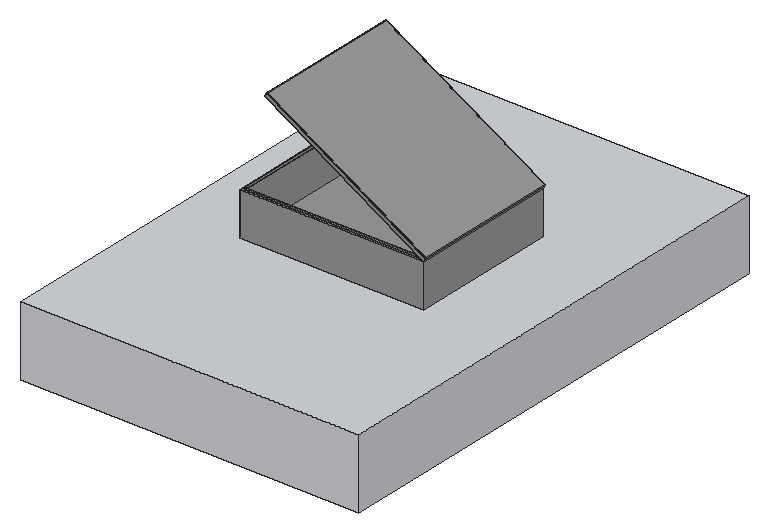
Revit family "Hager-Univers-IP44-D205-H650-Cl.I-Encl-AT-de", category Equipement électrique, Revit 2020
Family settings
  Hôte = Face
  Configuration du panneau = Deux colonnes, circuits au sein
  Cote de connecteur circulaire = Utiliser le diamètre
  Type d'élément = Tableau de raccordement
  Couper avec des vides une fois chargée = Non
  Partagée = Non
  Point de calcul de pièce = Non
Parameters (values of type "Aufputz IP44 B800 H650 T205  - FP43TN2")
  Width Control [instance] = if([EF000008 - Breite] > Min Width, [EF000008 - Breite], Min Width)  # 800 mm
  Commentaires du type = [HG000003 - Bereich]  # "Univers"
  Thickness Door [instance] = if([EF009171 - Materialstärke Tür/Deckel] > 3 mm, 3 mm, [EF009171 - Materialstärke Tür/Deckel])  # 1 mm
  Seal Frame Offset [instance] = 17 mm  # constant formula
  Plinth Visibility [instance] = [HG000027 - Sockelhöhe] > 0 mm  # no
  Model = ""
  Min Width [instance] = 100 mm  # constant formula
  Min Height [instance] = 100 mm  # constant formula
  Min Depth [instance] = (2 * [EF009170 - Materialstärke Gehäuse]) + 1 mm  # 3 mm
  Internal Frame Depth [instance] = (Door System Depth * 0.5)  # 9 mm
  Height Control [instance] = if([EF000040 - Höhe] > Min Height, [EF000040 - Höhe], Min Height)  # 650 mm
  HG000027 - Sockelhöhe = 0 mm
  HG000026 - Stehend auf dem Boden = no
  HG000024 - Höhe des unteren Teils = 800 mm
  HG000023 - Gehäuse mit doppeltem Querschnitt = no
  HG000016 - 3D-Türsichtbarkeit [instance] = yes
  HG000015 - Sichtbarkeit der Türöffnung [instance] = no
  HG000014 - Tür rechts [instance] = yes
  HG000013 - Tür links [instance] = not([HG000014 - Tür rechts])  # no
  HG000012 - Türschwenkwinkel [instance] = 30.00°
  HG000010 - Asymmetrische Türen = no
  HG000009 - Doppelflügeligen Tür = no
  HG000006 - Unterputz = no
  HG000004 - Herstellerreferenz = "FP43TN2"
  HG000003 - Bereich = "Univers"
  HG000002 - Mit tür = yes
  Frame Offset Bottom [instance] = 10 mm  # constant formula
  Frame Offset [instance] = 15 mm  # constant formula
  EF015940 - Deckel mit Überdruckentlastung = no
  EF011959 - Schutzart (NEMA) = ""
  EF009554 - Anzahl der Öffnungen für Flanschplatten = 6
  Fabricant = "Hager"  # constant formula
  EF009212 - Ausführung Deckel = "EV000116 - geschlossen"
  EF009171 - Materialstärke Tür/Deckel = 1 mm
  EF009170 - Materialstärke Gehäuse = 1 mm
  EF008873 - Nennstrom (In) = 250 A
  EF007800 - Geeignet für Blitzschutz = no
  EF006306 - Mit Schloss = no
  EF006244 - Transparenter Deckel/Tür = no
  EF005474 - Schutzart (IP) = "EV006418 - IP44"
  EF004464 - Art der Tür = "EV002646 - Einzel"
  EF004427 - Anzahl der Module = 144
  EF004293 - Schlagfestigkeit = "EV006815 - IK09"
  EF003532 - Geeignet für Außengebrauch = no
  EF002950 - Breite in Teilungseinheiten = 36
  EF001613 - Funktionserhalt = "EV000494 - ohne"
  EF001596 - Werkstoff des Gehäuses = "EV000179 - Stahl"
  EF001131 - Innentiefe = 205 mm
  EF001088 - Anbaumöglichkeit = yes
  EF000437 - Anzahl der Leitungseinführungen = 6
  EF000339 - Art der Abdeckung = "EV001012 - Deckel"
  EF000266 - Anzahl der Reihen = 4
  EF000218 - Einbautiefe = 205 mm
  EF000118 - Mit Montageplatte = no
  EF000116 - RAL-Nummer = "9010"
  EF000049 - Tiefe = 205 mm
  EF000040 - Höhe = 650 mm
  EF000008 - Breite = 800 mm
  EF000007 - Farbe = "EV000202 - weiß"
  EF000003 - Montageart = "EV000384 - Aufputz"
  Door System Leaf Tolerance [instance] = 1.5 mm  # constant formula
  Door System Depth [instance] = 18 mm  # constant formula
  Door Height [instance] = Height Control - [HG000027 - Sockelhöhe]  # 650 mm
  Depth Control [instance] = if([EF000049 - Tiefe] > Min Depth, [EF000049 - Tiefe], Min Depth)  # 205 mm
  Default Elevation = 0 mm
  Connector Offset [instance] = Height Control / 2  # 325 mm
  Bottom Top Plate Trim [instance] = 1.5 mm  # constant formula
  Plinth height Ctrl [instance] = if([HG000027 - Sockelhöhe] > 0 mm, [HG000027 - Sockelhöhe], 12 mm)  # 12 mm
Types (3, lengths in mm): name | Width Control | HG000009 - Doppelflügeligen Tür | HG000004 - Herstellerreferenz | EF009554 - Anzahl der Öffnungen für Flanschplatten | EF004464 - Art der Tür | EF004427 - Anzahl der Module | EF002950 - Breite in Teilungseinheiten | EF000437 - Anzahl der Leitungseinführungen | EF000008 - Breite
  Aufputz IP44 B1050 H650 T205  - FP44TN2 | 1050 | yes | "FP44TN2" | 8 | "EV003602 - Doppel" | 192 | 48 | 8 | 1050
  Aufputz IP44 B550 H650 T205  - FP42TN2 | 550 | no | "FP42TN2" | 4 | "EV002646 - Einzel" | 96 | 24 | 4 | 550
  Aufputz IP44 B800 H650 T205  - FP43TN2 | 800 | no | "FP43TN2" | 6 | "EV002646 - Einzel" | 144 | 36 | 6 | 800
Reference planes
  plane 1 "Center (Front/Back)": y = 0
  plane 2: z = 0
  plane 3 "Center (Left/Right)": x = 0
  plane 4: z = 205
  plane 5: y = 1
  plane 6: y = 325
  plane 7: y = 0
  plane 8: y = 650
  plane 9: z = 0
  plane 10: x = -385
  plane 11: x = 385
  plane 12: x = 384
  plane 13: x = -384
  plane 14: y = 649
  plane 15: x = -383
  plane 16: x = -400
  plane 17: x = 383
  plane 18: x = 400
  plane 19: x = 399
  plane 20: x = -399
  plane 21: y = 11
  plane 22: y = 650
  plane 23: y = 634
  plane 24: z = 187
  plane 25: z = 1
  plane 26: z = 186
  plane 27: z = 204
Forms (mm)
  Extrusion 1, solid
    sketch origin (0, 0, 0) x (1, 0, 0) y (0, 1, 0)
      loop
        line (-702.964, 1305) -> (-702.964, -811.445) -> (766.763, -811.445) -> (766.763, 1305) -> (-702.964, 1305)
    from 0 to -304.8
  Extrusion 2, solid, material "Hager_Steel_RAL7035_Light_Grey", visible <- "Plinth Visibility", detail levels medium+fine
    sketch origin (0, 0, 0) x (1, 0, 0) y (0, 1, 0)
      loop
        line (-400, 0) -> (400, 0) -> (400, 12) -> (-400, 12) -> (-400, 0)
    from 0 to 187
  Extrusion 3, solid, material "Hager_Steel_RAL7035_Light_Grey", detail levels medium+fine
    sketch origin (0, 0, 0) x (1, 0, 0) y (0, 1, 0)
      loop
        line (-400, 0) -> (400, 0) -> (400, 650) -> (-400, 650) -> (-400, 0)
    from 0 to 187
  Extrusion 4, void
    sketch origin (0, 0, 0) x (1, 0, 0) y (0, 1, 0)
      loop
        line (-399, 1) -> (399, 1) -> (399, 649) -> (-399, 649) -> (-399, 1)
    from 1 to 186
  Extrusion 5, void
    sketch origin (-381.607, -4572, 187) x (0, -1, 0) y (-1, 0, 0)
      loop
        line (-4583, 2.393) -> (-5206, 2.393) -> (-5206, -765.607) -> (-4583, -765.607) -> (-4583, 2.393)
    from 0 to 1 <- "EF009170 - Materialstärke Gehäuse"
  Extrusion 6, solid, material "Hager_Steel_RAL7035_Light_Grey", detail levels fine
    sketch origin (0, 0, 187) x (1, 0, 0) y (0, 1, 0)
      loop
        line (-384, 634) -> (-384, 11) -> (384, 11) -> (384, 634) -> (-384, 634)
      loop
        line (-385, 10) -> (385, 10) -> (385, 635) -> (-385, 635) -> (-385, 10)
    from 0 to 9 <- "Internal Frame Depth"
  Extrusion 7, solid, material "Hager_Steel_RAL7035_Light_Grey", detail levels coarse
    sketch origin (0, 0, 0) x (1, 0, 0) y (0, 1, 0)
      loop
        line (-400, 0) -> (400, 0) -> (400, 650) -> (-400, 650) -> (-400, 0)
    from 0 to 205
  Sweep 8, void
    path in 3D
      loop
        line (-400, 12, 0) -> (400, 12, 0) -> (400, 12, 187) -> (-400, 12, 187) -> (-400, 12, 0)
    profile origin (-400, 12, 93.5) x (-1, 0, 0) y (0, -1, 0)
      loop
        line (0, 0) -> (0, 1.5) -> (-1.5, 1.5)
        arc (-1.5, 1.5) -> (-1.061, 0.439) -> (0, 0) r 1.5
Cuts and joins
  Extrusion 4, Extrusion 5 cuts Extrusion 3
  Sweep 8 cuts Extrusion 2
Lines and regions (mm)
  Masking region 1
    outline origin (0, 0, 0) x (1, 0, 0) y (0, 0, 1)
      loop
        line (-400, 205) -> (-400, 0) -> (400, 0) -> (400, 205) -> (-400, 205)
  Masking region 2, detail levels medium+fine
    outline origin (0, 140, 0) x (0, 1, 0) y (0, 0, 1)
      loop
        line (-140, 0) -> (510, 0) -> (510, 187) -> (-140, 187) -> (-140, 0)
  Masking region 3, not visible, detail levels medium+fine
    outline origin (0, 297.922, 0) x (0, 1, 0) y (0, 0, 1)
      loop
        line (38.578, 0) -> (78.578, 0) -> (78.578, 194)
        arc (78.578, 194) -> (75.649, 201.071) -> (68.578, 204) r 10
        line (68.578, 204) -> (38.578, 204) -> (38.578, 0)
  Masking region 4, detail levels coarse
    outline origin (0, 0, 180) x (0, 1, 0) y (0, 0, 1)
      loop
        line (0, -180) -> (650, -180) -> (650, 25) -> (0, 25) -> (0, -180)
  Masking region 5, visible <- "Plinth Visibility", detail levels medium+fine
    outline origin (0, 52.24, 12.345) x (0, 0, -1) y (0, 1, 0)
      loop
        line (10.845, -40.24) -> (-173.155, -40.24)
        arc (-173.155, -40.24) -> (-173.594, -41.301) -> (-174.655, -41.74) r 1.5
        line (-174.655, -41.74) -> (-174.655, -52.24) -> (12.345, -52.24) -> (12.345, -41.74)
        arc (12.345, -41.74) -> (11.285, -41.301) -> (10.845, -40.24) r 1.5
  Masking region 6, detail levels medium+fine
    outline origin (-381.607, -4572, 187) x (-1, 0, 0) y (0, -1, 0)
      loop
        line (18.393, -5222) -> (18.393, -4572) -> (-781.607, -4572) -> (-781.607, -5222) -> (18.393, -5222)
  Masking region 7, visible <- "Plinth Visibility", detail levels medium+fine
    outline origin (-381.607, -4727, 187) x (-1, 0, 0) y (0, -1, 0)
      loop
        arc (16.893, -4739) -> (17.332, -4737.939) -> (18.393, -4737.5) r 1.5
        line (18.393, -4737.5) -> (18.393, -4727) -> (-781.607, -4727) -> (-781.607, -4737.5)
        arc (-781.607, -4737.5) -> (-780.546, -4737.939) -> (-780.107, -4739) r 1.5
        line (-780.107, -4739) -> (16.893, -4739)
  Masking region 8, detail levels coarse
    outline origin (-442.548, -4669.526, 187) x (-1, 0, 0) y (0, -1, 0)
      loop
        line (-42.548, -5319.526) -> (-42.548, -4669.526) -> (-842.548, -4669.526) -> (-842.548, -5319.526) -> (-42.548, -5319.526)
  sketch lines
    curve 1: line (-400, 12, 187) -> (-400, 12, 0)
    curve 2: line (400, 12, 187) -> (-400, 12, 187)
    curve 3: line (400, 12, 187) -> (400, 12, 0)
    curve 4: line (-400, 12, 0) -> (400, 12, 0)
Dimensions and locks
  "Depth Control": plane 4 to Extrusion 1
  "HG000027 - Sockelhöhe": plane 1 "Center (Front/Back)" to plane 7
  "EF009170 - Materialstärke Gehäuse": plane 5 to plane 7
  locked: connector elem to plane 3 "Center (Left/Right)"
  equal spacing: plane 8, plane 6, plane 7
  locked: connector elem to plane 6
  "EF009170 - Materialstärke Gehäuse": plane 8 to plane 14
  "EF009170 - Materialstärke Gehäuse": plane 10 to plane 13
  "EF009170 - Materialstärke Gehäuse": plane 12 to plane 11
  "Frame Offset": plane 20 to plane 13
  "Frame Offset": plane 12 to plane 19
  "EF009170 - Materialstärke Gehäuse": plane 16 to plane 20
  "EF009170 - Materialstärke Gehäuse": plane 19 to plane 18
  "Seal Frame Offset": plane 16 to plane 15
  "Seal Frame Offset": plane 17 to plane 18
  "Frame Offset Bottom": plane 21 to plane 5
  "Frame Offset": plane 14 to plane 23
  equal spacing: plane 16, plane 3 "Center (Left/Right)", plane 18
  "Width Control": plane 16 to plane 18
  "EF009170 - Materialstärke Gehäuse": plane 4 to plane 27
  "EF009170 - Materialstärke Gehäuse": plane 24 to plane 26
  "EF009170 - Materialstärke Gehäuse": plane 25 to level
  "Door System Depth": plane 4 to plane 24
  "Height Control": plane 1 "Center (Front/Back)" to Extrusion 7 sketch curve
  "Height Control": Masking region 4 sketch curve to plane 1 "Center (Front/Back)"
  "Height Control": plane 1 "Center (Front/Back)" to plane 22
  "Bottom Top Plate Trim": profile plane to Sweep 8 sketch curve
  "Bottom Top Plate Trim": Sweep 8 sketch curve to profile plane
  "Plinth height Ctrl": plane 1 "Center (Front/Back)" to Extrusion 2 sketch curve
  "Plinth height Ctrl": Masking region 5 sketch curve to plane 1 "Center (Front/Back)"
  "Plinth height Ctrl": plane 1 "Center (Front/Back)" to Masking region 7 sketch curve
  "Thickness Door": Extrusion 6 sketch curve to Extrusion 6 sketch curve  (x3)
  "Thickness Door": cut or joined group of Extrusion 3, Extrusion 4, Extrusion 5 to Extrusion 6 sketch curve
  radius of Masking region 3 sketch curve = 10 mm
  "Bottom Top Plate Trim": radius of Masking region 5 sketch curve  (x2)
  "Bottom Top Plate Trim": radius of Sweep 8 sketch curve
  "Bottom Top Plate Trim": radius of Masking region 7 sketch curve  (x2)
  aligned and locked: plane 2 to Extrusion 1
  aligned and locked: level to Extrusion 1
  aligned and locked: level to Masking region 1 sketch curve
  aligned and locked: Masking region 1 sketch curve to plane 18
  aligned and locked: Masking region 1 sketch curve to plane 16
  aligned and locked: plane 7 to Masking region 2 sketch curve
  aligned and locked: level to Masking region 3 sketch curve
  aligned and locked: Masking region 3 sketch curve to plane 27
  aligned and locked: level to Masking region 2 sketch curve
  aligned and locked: plane 1 "Center (Front/Back)" to Extrusion 2 sketch curve
  aligned and locked: Extrusion 3 sketch curve to plane 7
  aligned and locked: plane 16 to Extrusion 3 sketch curve
  aligned and locked: plane 18 to Extrusion 3 sketch curve
  aligned and locked: plane 20 to Extrusion 4 sketch curve
  aligned and locked: plane 19 to Extrusion 4 sketch curve
  aligned and locked: Extrusion 4 sketch curve to plane 5
  aligned and locked: Extrusion 4 to plane 25
  aligned and locked: plane 26 to Extrusion 4
  aligned and locked: plane 24 to Extrusion 3
  aligned and locked: Extrusion 5 sketch curve to plane 21
  aligned and locked: Extrusion 5 sketch curve to plane 13
  aligned and locked: Extrusion 5 sketch curve to plane 12
  aligned and locked: plane 18 to Extrusion 7 sketch curve
  aligned and locked: plane 1 "Center (Front/Back)" to Extrusion 7 sketch curve
  aligned and locked: plane 16 to Extrusion 7 sketch curve
  aligned and locked: plane 4 to Extrusion 7
  aligned and locked: Extrusion 7 to level
  aligned and locked: level to Masking region 4 sketch curve
  aligned and locked: Masking region 4 sketch curve to plane 1 "Center (Front/Back)"
  aligned and locked: Masking region 4 sketch curve to plane 4
  aligned and locked: nested 1 to level
  aligned and locked: nested 1 to plane 16
  aligned and locked: plane 8 to Extrusion 3 sketch curve
  aligned and locked: plane 23 to Extrusion 5 sketch curve
  aligned and locked: plane 14 to Extrusion 4 sketch curve
  aligned and locked: Masking region 2 sketch curve to plane 8
  aligned and locked: level to Masking region 5 sketch curve
  aligned and locked: plane 16 to Extrusion 2 sketch curve
  aligned and locked: plane 18 to Extrusion 2 sketch curve
  aligned and locked: Masking region 5 sketch curve to plane 24
  aligned and locked: Masking region 2 sketch curve to plane 24
  aligned and locked: plane 24 to Extrusion 2
  aligned and locked: profile plane to Sweep 8 sketch curve  (x2)
  aligned and locked: Masking region 6 sketch curve to plane 18
  aligned and locked: Masking region 6 sketch curve to plane 22
  aligned and locked: Masking region 6 sketch curve to plane 16
  aligned and locked: plane 8 to plane 22
  aligned and locked: Masking region 6 sketch curve to plane 7
  aligned and locked: Masking region 7 sketch curve to plane 16
  aligned and locked: Masking region 7 sketch curve to plane 1 "Center (Front/Back)"
  aligned and locked: Masking region 7 sketch curve to plane 18
  aligned and locked: Masking region 8 sketch curve to plane 1 "Center (Front/Back)"
  aligned and locked: Masking region 8 sketch curve to plane 18
  aligned and locked: Masking region 8 sketch curve to plane 22
  aligned and locked: Masking region 8 sketch curve to plane 16
  aligned and locked: nested 2 to plane 7
  aligned and locked: plane 3 "Center (Left/Right)" to nested 2
  aligned and locked: nested 2 to plane 24
  aligned and locked: Extrusion 6 sketch curve to cut or joined group of Extrusion 3, Extrusion 4, Extrusion 5  (x4)
Automatic sketch dimensions
  Extrusion 1 sketch curve to Extrusion 1 sketch curve = 1469.727 mm
  Extrusion 1 sketch curve to Extrusion 1 sketch curve = 2116.445 mm
  Masking region 1 sketch curve to plane 4 = 0 mm
  plane 6 to Masking region 3 sketch curve = 11.5 mm
  Masking region 3 sketch curve to Masking region 3 sketch curve = 30 mm
  Masking region 5 sketch curve to plane 1 "Center (Front/Back)" = 0 mm
Nested families
  nested 1: "Hager_Enclosure_Symbol" at (-400, 0, 0) x (1, 0, 0) z (0, -1, 0), Height <- "Depth Control", Width <- "Width Control", type "Hager_Enclosure_Symbol"
    with Width_Ctrl 800 mm, Width 800 mm, Height_Ctrl 205 mm, Height 205 mm, A_Width_Int 13.453 mm, A_Width 161.438 mm, A_Height_Ctrl 179.375 mm, A_Height 179.375 mm
  nested 2: "EC000058_Univers_Door" at (0, 0, 187) x (1, 0, 0) z (0, 1, 0), Leaf_Tolerance <- "Door System Leaf Tolerance", Angle <- "HG000012 - Türschwenkwinkel", Door_Depth <- "Door System Depth", Door_Left <- "HG000013 - Tür links", Transparent <- "EF006244 - Transparenter Deckel/Tür", Assymetrical <- "HG000010 - Asymmetrische Türen", Width <- "Width Control", Clearance <- "HG000015 - Sichtbarkeit der Türöffnung", Double <- "HG000009 - Doppelflügeligen Tür", 3d_Door <- "HG000016 - 3D-Türsichtbarkeit", Lock_Visibility <- "EF006306 - Mit Schloss", Width_Ctrl <- "Width Control", Door_Right <- "HG000014 - Tür rechts", Door <- "HG000002 - Mit tür", Height <- "Door Height", Thickness <- "Thickness Door", type "EC000058_Univers_Door", detail levels medium+fine
    with min_wh 3 mm, Width_Ctrl 800 mm, Width 800 mm, Transparent no, Thickness 1 mm, Seal_Material Hager_Rubber, Lock_Visibility no, Lock_Material Hager_Plastic_RAL9005_Jet_Black, Leaf_Width 800 mm, Leaf_Tolerance_External_Sides 0 mm, Leaf_Tolerance 1.5 mm, Leaf_Offset 0 mm, Leaf_Height 647 mm, Leaf_2_Width 800 mm, Leaf_2_Offset 400 mm, Leaf_1_Width 800 mm, Leaf_1_Offset 400 mm, Height_Ctrl 650 mm, Height 650 mm, Glass_Material Hager_Glass, Double_Clearance_Ctrl no, Double no, Door_Right_Ctrl yes, Door_Right yes, Door_Material Hager_Steel_RAL7035_Light_Grey, Door_Left_Ctrl no, Door_Left no, Door_Depth 18 mm, Door yes, Clearance_Material Hager_Clearance, Clearance_Depth 800 mm, Clearance_Ctrl no, Clearance no, Assymetrical no, Angle 30.00°, 3d_Door yes
Connectors
  electrical at (0, 325, 0)
    settings: on plane 9, index 1, voltage 0 V, apparent load 0 VA, apparent load phase1 0 VA, apparent load phase2 0 VA, apparent load phase3 0 VA, power factor 1, load classification "Other", number of poles 1, system type 30, power factor state 1, is connector primary yes, connector utility no, sub classification motor no, connector description ""
Definition of nested family "EC000058_Univers_Door"
  Parameters (values of type "EC000058_Univers_Door")
    min_wh [instance] = (2 * Thickness) + 1 mm  # 11 mm
    Width_Ctrl [instance] = 400 mm
    Width [instance] = 500 mm
    Transparent [instance] = yes
    Thickness [instance] = 5 mm
    Seal_Material [instance] = none
    Lock_Visibility [instance] = yes
    Lock_Material [instance] = none
    Leaf_Width [instance] = if((Width_Ctrl - 2 * Leaf_Tolerance_External_Sides) > 0 mm, (Width_Ctrl - 2 * Leaf_Tolerance_External_Sides), min_wh)  # 400 mm
    Leaf_Tolerance_External_Sides [instance] = 0 mm  # constant formula
    Leaf_Tolerance [instance] = 1.5 mm
    Leaf_Offset [instance] = 0 mm  # constant formula
    Leaf_Height [instance] = if((Height_Ctrl - 2 * Leaf_Tolerance) > 0 mm, (Height_Ctrl - 2 * Leaf_Tolerance), min_wh)  # 497 mm
    Leaf_2_Width [instance] = if(and(and(Double, Assymetrical), Door_Left), (Leaf_Width / 3) - (Leaf_Tolerance / 2), if(and(and(Double, Assymetrical), Door_Right), (Leaf_Width / 3) * 2 - (Leaf_Tolerance / 2), if(and(Double, not(Assymetrical)), (Leaf_Width / 2) - Leaf_Tolerance, Leaf_Width)))  # 400 mm
    Leaf_2_Offset [instance] = if(and(Double, Assymetrical), Leaf_2_Width / 2, if(and(Double, not(Assymetrical)), Leaf_Width / 4, Leaf_Width / 2))  # 200 mm
    Leaf_1_Width [instance] = if(and(and(Double, Assymetrical), Door_Right), (Leaf_Width / 3) - (Leaf_Tolerance / 2), if(and(and(Double, Assymetrical), Door_Left), (Width / 3) * 2 - (Leaf_Tolerance / 2), if(and(Double, not(Assymetrical)), (Leaf_Width / 2) - Leaf_Tolerance, Leaf_Width)))  # 400 mm
    Leaf_1_Offset [instance] = if(and(Double, Assymetrical), Leaf_1_Width / 2, if(and(Double, not(Assymetrical)), Leaf_Width / 4, Leaf_Width / 2))  # 200 mm
    Height_Ctrl [instance] = if(Height > min_wh, Height, min_wh)  # 500 mm
    Height [instance] = 500 mm
    Glass_Material [instance] = none
    Double_Clearance_Ctrl [instance] = and(Double, Clearance)  # no
    Double [instance] = no
    Door_Right_Ctrl [instance] = and(or(Door_Right, Double), Door)  # yes
    Door_Right [instance] = yes
    Door_Material [instance] = none
    Door_Left_Ctrl [instance] = and(or(Door_Left, Double), Door)  # no
    Door_Left [instance] = no
    Door_Depth [instance] = 30 mm
    Door [instance] = yes
    Default Elevation = 1219.2 mm
    Clearance_Material [instance] = none
    Clearance_Depth [instance] = if(Leaf_1_Width > Leaf_2_Width, Leaf_1_Width, Leaf_2_Width)  # 400 mm
    Clearance_Ctrl [instance] = and(not(Double), Clearance)  # yes
    Clearance [instance] = yes
    Assymetrical [instance] = yes
    Angle [instance] = 30.00°
    3d_Door [instance] = yes
  Reference planes
    plane 1 "Center (Front/Back)": y = 0
    plane 2 "Bottom": z = 0
    plane 3 "Center (Left/Right)": x = 0
    plane 4: z = 500
    plane 5: x = -200
    plane 6: x = 200
    plane 7: z = 500
    plane 8: x = -200
    plane 9: z = 0
    plane 10: x = 200
    plane 11: y = 0
    plane 12: z = 1.5
    plane 13: x = -600
    plane 14: y = -400
    plane 15: x = 600
    plane 16: x = 0
    plane 17: x = 0
    plane 18: x = -200
    plane 19: x = 200
    plane 20: z = 498.5
  Forms (mm)
    Extrusion 1, solid, material <- "Clearance_Material", visible <- "Double_Clearance_Ctrl"
      sketch origin (1200, 0, 0) x (1, 0, 0) y (0, 0, -1)
        loop
          line (-1800, -498.5) -> (-600, -498.5) -> (-600, 0) -> (-1800, 0) -> (-1800, -498.5)
      from 0 to -400
  Dimensions and locks
    equal spacing: plane 5, plane 3 "Center (Left/Right)", plane 6
    "Width_Ctrl": plane 5 to plane 6
    "Leaf_Offset": plane 5 to plane 8
    "Leaf_Offset": plane 6 to plane 10
    "Leaf_Offset": plane 9 to level
    "Leaf_Offset": plane 4 to plane 7
    "Height_Ctrl": plane 4 to level
    "Leaf_Tolerance": plane 12 to plane 9
    locked: plane 11 to plane 1 "Center (Front/Back)"
    "Leaf_1_Offset": plane 18 to plane 16
    "Leaf_2_Offset": plane 17 to plane 19
    "Leaf_1_Width": plane 13 to plane 8
    "Leaf_2_Width": plane 10 to plane 15
    "Clearance_Depth": plane 14 to plane 1 "Center (Front/Back)"
    "Leaf_Tolerance_External_Sides": plane 8 to plane 18
    "Leaf_Tolerance_External_Sides": plane 19 to plane 10
    "Leaf_Tolerance": plane 7 to plane 20
    aligned and locked: level to plane 2 "Bottom"
    aligned and locked: nested 1 to plane 16
    aligned and locked: nested 2 to plane 17
    aligned and locked: Extrusion 1 to plane 13
    aligned and locked: plane 15 to Extrusion 1
    aligned and locked: Extrusion 1 to plane 14
    aligned and locked: plane 12 to nested 1
    aligned and locked: nested 2 to plane 12
    aligned and locked: Extrusion 1 to plane 11
    aligned and locked: plane 20 to Extrusion 1
    aligned and locked: nested 2 to plane 11
    aligned and locked: nested 1 to plane 11
  Automatic sketch dimensions
    Extrusion 1 sketch curve to level = 0 mm
    plane 5 to Extrusion 1 sketch curve = 400 mm
    plane 6 to Extrusion 1 sketch curve = 400 mm
    Extrusion 1 sketch curve to plane 4 = 1.5 mm
  Nested families
    nested 1: "EC000058_Univers_Door_Leaf" at (0, 0, 1.5), Width <- "Leaf_1_Width", visible <- "Door_Left_Ctrl", Leaf_Height <- "Leaf_Height", Angle <- "Angle", 3d_Door <- "3d_Door", Transparent <- "Transparent", Clearance Material <- "Clearance_Material", Clearance <- "Clearance_Ctrl", Door_Material <- "Door_Material", Glass_Material <- "Glass_Material", Door_Depth <- "Door_Depth", Lock_Material <- "Lock_Material", Seal_Material <- "Seal_Material", Lock_Visibility <- "Lock_Visibility", Thickness <- "Thickness", type "EC000058_Univers_Door_Leaf"
      with Width 400 mm, Transparent_Glass_Offset 30 mm, Transparent_Ctrl yes, Transparent yes, Thickness 5 mm, Standard no, Seal_Material none, Seal_D2 8 mm, Seal_D1 1 mm, Offset_Internal_Frame 10 mm, Lock_Width 20 mm, Lock_Visibility_3d yes, Lock_Visibility yes, Lock_Thickness_3 3 mm, Lock_Thickness_2 1 mm, Lock_Thickness_1 3 mm, Lock_Radius_Offset_2 16 mm, Lock_Radius_Offset_1 15 mm, Lock_Radius_2 5 mm, Lock_Radius 6 mm, Lock_Offset 5 mm, Lock_Material none, Lock_Height 80 mm, Lock_Cover_Top_Offset_2d 17 mm, Lock_Cover_Height -65 mm, Leaf_Height 497 mm, Internal_Seal_Thickness 8 mm, Internal_Seal_Depth_2 4.5 mm, Internal_Frame_Depth 25 mm, Glass_Thickness -1 mm, Glass_Offset -2 mm, Glass_Material none, Door_Material none, Door_Depth 30 mm, Clearance Material none, Clearance yes, Angle_Ctrl 30.00°, Angle 30.00°, 3d_Door yes
    nested 2: "EC000058_Univers_Door_Leaf" at (0, 0, 1.5) x (-1, 0, 0) z (0, 0, 1), Width <- "Leaf_2_Width", visible <- "Door_Right_Ctrl", Leaf_Height <- "Leaf_Height", Angle <- "Angle", 3d_Door <- "3d_Door", Transparent <- "Transparent", Clearance Material <- "Clearance_Material", Clearance <- "Clearance_Ctrl", Door_Material <- "Door_Material", Glass_Material <- "Glass_Material", Door_Depth <- "Door_Depth", Lock_Material <- "Lock_Material", Seal_Material <- "Seal_Material", Lock_Visibility <- "Lock_Visibility", Thickness <- "Thickness", type "EC000058_Univers_Door_Leaf"
      with Width 400 mm, Transparent_Glass_Offset 30 mm, Transparent_Ctrl yes, Transparent yes, Thickness 5 mm, Standard no, Seal_Material none, Seal_D2 8 mm, Seal_D1 1 mm, Offset_Internal_Frame 10 mm, Lock_Width 20 mm, Lock_Visibility_3d yes, Lock_Visibility yes, Lock_Thickness_3 3 mm, Lock_Thickness_2 1 mm, Lock_Thickness_1 3 mm, Lock_Radius_Offset_2 16 mm, Lock_Radius_Offset_1 15 mm, Lock_Radius_2 5 mm, Lock_Radius 6 mm, Lock_Offset 5 mm, Lock_Material none, Lock_Height 80 mm, Lock_Cover_Top_Offset_2d 17 mm, Lock_Cover_Height -65 mm, Leaf_Height 497 mm, Internal_Seal_Thickness 8 mm, Internal_Seal_Depth_2 4.5 mm, Internal_Frame_Depth 25 mm, Glass_Thickness -1 mm, Glass_Offset -2 mm, Glass_Material none, Door_Material none, Door_Depth 30 mm, Clearance Material none, Clearance yes, Angle_Ctrl 30.00°, Angle 30.00°, 3d_Door yes
  Definition of nested family "EC000058_Univers_Door_Leaf"
    Parameters (values of type "EC000058_Univers_Door_Leaf")
      Width [instance] = 2000 mm
      Transparent_Glass_Offset [instance] = 30 mm
      Transparent_Ctrl [instance] = and(Transparent, [3d_Door])  # yes
      Transparent [instance] = yes
      Thickness [instance] = 5 mm
      Standard [instance] = and(not(Transparent), [3d_Door])  # no
      Seal_Material [instance] = none
      Seal_D2 [instance] = 8 mm  # constant formula
      Seal_D1 [instance] = 1 mm  # constant formula
      Offset_Internal_Frame [instance] = 10 mm  # constant formula
      Lock_Width [instance] = 20 mm  # constant formula
      Lock_Visibility_3d [instance] = and(Lock_Visibility, [3d_Door])  # yes
      Lock_Visibility [instance] = yes
      Lock_Thickness_3 [instance] = 3 mm  # constant formula
      Lock_Thickness_2 [instance] = 1 mm  # constant formula
      Lock_Thickness_1 [instance] = 3 mm  # constant formula
      Lock_Radius_Offset_2 [instance] = Lock_Radius_Offset_1 + 1 mm  # 16 mm
      Lock_Radius_Offset_1 [instance] = 15 mm  # constant formula
      Lock_Radius_2 [instance] = Lock_Radius - 1 mm  # 5 mm
      Lock_Radius [instance] = 6 mm  # constant formula
      Lock_Offset [instance] = 5 mm  # constant formula
      Lock_Material [instance] = none
      Lock_Height [instance] = 80 mm  # constant formula
      Lock_Cover_Top_Offset_2d [instance] = Lock_Radius_Offset_2 + 1 mm  # 17 mm
      Lock_Cover_Height [instance] = -(Lock_Height - Lock_Radius_Offset_1)  # -65 mm
      Leaf_Height [instance] = 2720.336 mm
      Internal_Seal_Thickness [instance] = 8 mm  # constant formula
      Internal_Seal_Depth_2 [instance] = 4.5 mm  # constant formula
      Internal_Frame_Depth [instance] = if(Door_Depth - Thickness > 5 mm, Door_Depth - Thickness, 5 mm)  # 25 mm
      Glass_Thickness [instance] = if(Thickness > 15 mm, Glass_Offset + 10 mm, -1 mm)  # -1 mm
      Glass_Offset [instance] = if(Thickness > 15 mm, -(Thickness + 10 mm) / 2, -2 mm)  # -2 mm
      Glass_Material [instance] = none
      Door_Material [instance] = none
      Door_Depth [instance] = 30 mm
      Default Elevation = 0 mm
      Clearance Material [instance] = none
      Clearance [instance] = yes
      Angle_Ctrl [instance] = if(Angle > 180.00°, 180.00°, Angle)  # 90.00°
      Angle [instance] = 90.00°
      3d_Door [instance] = yes
    Reference planes
      plane 1 "Center (Front/Back)": y = 0
      plane 2: z = 0
      plane 3 "Center (Left/Right)": x = 0
      plane 4: y = 2000
      plane 5: x = -1000
      plane 6: x = 1000
      plane 7: x = -3000
      plane 8: z = 2720.336
      plane 9: z = 30
      plane 10: z = 2690.336
      plane 11: x = 970
      plane 12: x = -970
      plane 13: y = -3
      plane 14: z = 107.833
      plane 15: y = -5
      plane 16: y = -223.314
      plane 17: x = -1000
      plane 18: z = 1360.168
      plane 19: y = 30
    Forms (mm)
      Extrusion 1, solid, material <- "Clearance Material", visible <- "Clearance"
        sketch origin (0, 0, 0) x (1, 0, 0) y (0, 0, 1)
          loop
            line (-3000, 2720.336) -> (-3000, 0) -> (1000, 0) -> (1000, 2720.336) -> (-3000, 2720.336)
        from 0 to -2000
      Extrusion 2, solid, material <- "Door_Material", visible <- "Standard", detail levels medium+fine
        sketch origin (-1000, 0, 0) x (0, 1, 0) y (-1, 0, 0)
          loop
            line (0, 30) -> (0, 25) -> (2000, 25) -> (2000, 30) -> (0, 30)
        from 0 to 2720.336 <- "Leaf_Height"
      Extrusion 3, solid, material <- "Door_Material", visible <- "Transparent_Ctrl", detail levels medium+fine
        sketch origin (-1000, 0, 0) x (0, 1, 0) y (-1, 0, 0)
          loop
            line (0, 25) -> (2000, 25) -> (2000, 30) -> (0, 30) -> (0, 25)
        from 0 to 2720.336 <- "Leaf_Height"
      Extrusion 4, void
        sketch origin (-1025, 2000, 0) x (0, 1, 0) y (0, 0, -1)
          loop
            line (-30, -2690.336) -> (-30, -30) -> (-1970, -30) -> (-1970, -2690.336) -> (-30, -2690.336)
        from 0 to 5 <- "Thickness"
      Sweep 5, solid, material <- "Seal_Material", visible <- "Transparent_Ctrl", detail levels fine
        path in 3D
          loop
            line (-1025, 30, 30) -> (-1025, 30, 2690.336) -> (-1025, 1970, 2690.336) -> (-1025, 1970, 30) -> (-1025, 30, 30)
        profile origin (-1025, 1000, 30) x (1, 0, 0) y (0, 0, 1)
          loop
            line (0, 0) -> (0, -8) -> (1, -8) -> (1, 0) -> (0, 0)
      Extrusion 6, solid, material <- "Glass_Material", visible <- "Transparent_Ctrl", detail levels medium+fine
        sketch origin (-1030, 0, 0) x (0, 1, 0) y (0, 0, -1)
          loop
            line (1970, -2690.336) -> (1970, -30) -> (30, -30) -> (30, -2690.336) -> (1970, -2690.336)
        from -2 <- "Glass_Offset" to -1 <- "Glass_Thickness"
      Extrusion 7, solid, material <- "Door_Material", visible <- "3d_Door", detail levels medium+fine
        sketch origin (-1025, 2000, 0) x (0, -1, 0) y (0, 0, -1)
          loop
            line (0, -2720.336) -> (2000, -2720.336) -> (2000, 0) -> (0, 0) -> (0, -2720.336)
          loop
            line (1995, -5) -> (5, -5) -> (5, -2715.336) -> (1995, -2715.336) -> (1995, -5)
        from 0 to 25 <- "Internal_Frame_Depth"
      Sweep 8, solid, material <- "Seal_Material", visible <- "Transparent_Ctrl", detail levels fine
        path in 3D
          loop
            line (-1025, 0, 0) -> (-1025, 2000, 0) -> (-1025, 2000, 2720.336) -> (-1025, 0, 2720.336) -> (-1025, 0, 0)
        profile origin (-1025, 0, 1360.168) x (1, 0, 0) y (0, 1, 0)
          loop
            line (0, 10) -> (2.975, 10)
            arc (2.975, 10) -> (4.053, 10.447) -> (4.5, 11.525) r 1.525
            line (4.5, 11.525) -> (4.5, 16.527)
            arc (4.5, 16.527) -> (4.069, 17.569) -> (3.027, 18) r 1.473
            line (3.027, 18) -> (0, 18) -> (0, 10)
      Extrusion 9, solid, material <- "Lock_Material", visible <- "Lock_Visibility_3d", detail levels fine
        sketch origin (-1030, 0, 0) x (0, 1, 0) y (0, 0, -1)
          loop
            arc (1993.5, -1400.168) -> (1994.561, -1399.729) -> (1995, -1398.668) r 1.5
            line (1995, -1398.668) -> (1995, -1320.168) -> (1975, -1320.168) -> (1975, -1398.668)
            arc (1975, -1398.668) -> (1975.439, -1399.729) -> (1976.5, -1400.168) r 1.5
            line (1976.5, -1400.168) -> (1993.5, -1400.168)
        from 3 <- "Lock_Thickness_1" to 0
      Blend 10, solid, material <- "Lock_Material", visible <- "Lock_Visibility_3d", detail levels fine
        base sketch origin (-1033, 0, 0) x (0, 1, 0) y (0, 0, -1)
          loop
            line (1975, -1320.168) -> (1975, -1398.668)
            arc (1975, -1398.668) -> (1975.439, -1399.729) -> (1976.5, -1400.168) r 1.5
            line (1976.5, -1400.168) -> (1993.5, -1400.168)
            arc (1993.5, -1400.168) -> (1994.561, -1399.729) -> (1995, -1398.668) r 1.5
            line (1995, -1398.668) -> (1995, -1320.168) -> (1975, -1320.168)
        top sketch origin (-1033, 0, 0) x (0, 1, 0) y (0, 0, -1)
          loop
            line (1976, -1320.168) -> (1976, -1398.668)
            arc (1976, -1398.668) -> (1976.146, -1399.022) -> (1976.5, -1399.168) r 0.5
            line (1976.5, -1399.168) -> (1993.5, -1399.168)
            arc (1993.5, -1399.168) -> (1993.854, -1399.022) -> (1994, -1398.668) r 0.5
            line (1994, -1398.668) -> (1994, -1320.168) -> (1976, -1320.168)
        from 0 to 1 <- "Lock_Thickness_2"
      Blend 11, solid, material <- "Lock_Material", visible <- "Lock_Visibility_3d", detail levels fine
        base sketch origin (-1034, 0, 0) x (0, 1, 0) y (0, 0, -1)
          loop
            line (1978, -1320.168) -> (1978, -1384.168)
            arc (1978, -1384.168) -> (1985, -1391.168) -> (1992, -1384.168) r 7
            line (1992, -1384.168) -> (1992, -1320.168) -> (1978, -1320.168)
        top sketch origin (-1034, 0, 0) x (0, 1, 0) y (0, 0, -1)
          loop
            line (1991, -1320.168) -> (1979, -1320.168) -> (1979, -1383.168)
            arc (1979, -1383.168) -> (1985, -1389.168) -> (1991, -1383.168) r 6
            line (1991, -1383.168) -> (1991, -1320.168)
        from 0 to 3 <- "Lock_Thickness_3"
      Extrusion 12, solid, material <- "Lock_Material", visible <- "Lock_Visibility_3d", detail levels fine
        sketch origin (-1030, 1975, 1320.168) x (1, 0, 0) y (0, -1, 0)
          loop
            line (-7, -19) -> (-7, -1) -> (0, -1) -> (0, 0) -> (-8, 0) -> (-8, -20) -> (0, -20) -> (0, -19) -> (-7, -19)
        from 0 to -65 <- "Lock_Cover_Height"
      Extrusion 13, void
        sketch origin (-1038, 1995, 1320.168) x (-1, 0, 0) y (0, 0, -1)
          loop
            line (-5, -65) -> (0, -65) -> (-5, -60) -> (-5, -65)
        from 0 to 20 <- "Lock_Width"
      Extrusion 14, void
        sketch origin (-1038, 1975, 1320.168) x (0, -1, 0) y (0, 0, -1)
          loop
            circle (-10, -15.995) r 6
          loop
            circle (-10, -15.995) r 5
        from 0 to 2
      Extrusion 15, solid, material <- "Lock_Material", visible <- "Lock_Visibility_3d", detail levels medium
        sketch origin (-1030, 0, 0) x (0, 1, 0) y (0, 0, -1)
          loop
            arc (1993.5, -1400.168) -> (1994.561, -1399.729) -> (1995, -1398.668) r 1.5
            line (1995, -1398.668) -> (1995, -1320.168) -> (1975, -1320.168) -> (1975, -1398.668)
            arc (1975, -1398.668) -> (1975.439, -1399.729) -> (1976.5, -1400.168) r 1.5
            line (1976.5, -1400.168) -> (1993.5, -1400.168)
        from 8 to 0
    Cuts and joins
      Extrusion 4 cuts Extrusion 3
      Extrusion 13, Extrusion 14 cuts Extrusion 9
      Extrusion 14 cuts Blend 11
      Extrusion 13, Extrusion 14 cuts Extrusion 12
      joined: Extrusion 9, Blend 10, Blend 11, Extrusion 12
      Extrusion 14 cuts Extrusion 15
    Lines and regions (mm)
      Masking region 1, visible <- "Lock_Visibility", detail levels fine
        outline origin (0, 0, 0) x (0, 1, 0) y (0, 0, 1)
          loop
            line (30, 1320.168) -> (33, 1320.168) -> (33, 1400.168) -> (30, 1400.168) -> (30, 1320.168)
      Masking region 2, visible <- "Lock_Visibility", detail levels fine
        outline origin (0, 3.143, 0) x (0, 1, 0) y (0, 0, 1)
          loop
            line (29.857, 1354.168) -> (30.857, 1354.168) -> (30.857, 1366.168) -> (29.857, 1366.168) -> (29.857, 1354.168)
      Masking region 3, detail levels medium+fine
        outline origin (0, 0, 0) x (0, 1, 0) y (0, 0, 1)
          loop
            line (0, 0) -> (30, 0) -> (30, 2720.336) -> (0, 2720.336) -> (0, 0)
      Masking region 4, detail levels medium+fine
        outline origin (0, 0, 0) x (1, 0, 0) y (0, 0, 1)
          loop
            line (-1000, 2720.336) -> (-1000, 0) -> (1000, 0) -> (1000, 2720.336) -> (-1000, 2720.336)
      Masking region 5, visible <- "Lock_Visibility", detail levels fine
        outline origin (-47.116, 0, 0) x (1, 0, 0) y (0, 0, 1)
          loop
            arc (1024.616, 1399.168) -> (1023.556, 1398.729) -> (1023.116, 1397.668) r 1.5
            line (1023.116, 1397.668) -> (1023.116, 1320.168) -> (1041.116, 1320.168) -> (1041.116, 1397.668)
            arc (1041.116, 1397.668) -> (1040.677, 1398.729) -> (1039.616, 1399.168) r 1.5
            line (1039.616, 1399.168) -> (1024.616, 1399.168)
      Masking region 6, visible <- "Lock_Visibility", detail levels medium+fine
        outline origin (-25, 0, 0) x (1, 0, 0) y (0, 0, 1)
          loop
            arc (1001.5, 1400.168) -> (1000.439, 1399.729) -> (1000, 1398.668) r 1.5
            line (1000, 1398.668) -> (1000, 1320.168) -> (1020, 1320.168) -> (1020, 1398.668)
            arc (1020, 1398.668) -> (1019.561, 1399.729) -> (1018.5, 1400.168) r 1.5
            line (1018.5, 1400.168) -> (1001.5, 1400.168)
      Masking region 7, visible <- "Lock_Visibility", detail levels fine
        outline origin (-73.735, 0, 0) x (1, 0, 0) y (0, 0, 1)
          loop
            line (1051.735, 1382.168) -> (1065.735, 1382.168) -> (1065.735, 1384.168)
            arc (1065.735, 1384.168) -> (1058.735, 1391.168) -> (1051.735, 1384.168) r 7
            line (1051.735, 1384.168) -> (1051.735, 1382.168)
      Masking region 8, visible <- "Lock_Visibility", detail levels fine
        outline origin (-73.735, 0, 0) x (1, 0, 0) y (0, 0, 1)
          loop
            line (1052.735, 1382.168) -> (1064.735, 1382.168) -> (1064.735, 1383.168)
            arc (1064.735, 1383.168) -> (1058.735, 1389.168) -> (1052.735, 1383.168) r 6
            line (1052.735, 1383.168) -> (1052.735, 1382.168)
      Masking region 9, visible <- "Lock_Visibility", detail levels fine
        outline origin (-25, 0, 0) x (1, 0, 0) y (0, 0, 1)
          loop
            line (1020, 1320.168) -> (1020, 1382.168) -> (1000, 1382.168) -> (1000, 1320.168) -> (1020, 1320.168)
      Masking region 10, detail levels medium+fine
        outline origin (0, 0, 0) x (1, 0, 0) y (0, 0, 1)
          loop
            circle (985, 1335.144) r 6
      Masking region 11, detail levels fine
        outline origin (0, 0, 0) x (1, 0, 0) y (0, 0, 1)
          loop
            circle (985, 1335.144) r 5
      Masking region 12, visible <- "Lock_Visibility", detail levels fine
        outline origin (0, 12.767, 0) x (0, 1, 0) y (0, 0, 1)
          loop
            line (20.233, 1320.168) -> (21.233, 1320.168) -> (21.233, 1399.168) -> (20.233, 1400.168) -> (20.233, 1320.168)
      Masking region 13, visible <- "Lock_Visibility", detail levels fine
        outline origin (0, 13.767, -10) x (0, 1, 0) y (0, 0, 1)
          loop
            line (20.233, 1330.168) -> (23.233, 1330.168) -> (23.233, 1399.168) -> (20.233, 1402.168) -> (20.233, 1330.168)
      Masking region 14, visible <- "Lock_Visibility", detail levels fine
        outline origin (0, 12.767, -10) x (0, 1, 0) y (0, 0, 1)
          loop
            line (20.233, 1330.168) -> (25.233, 1330.168) -> (25.233, 1399.305) -> (20.233, 1394.305) -> (20.233, 1330.168)
      Masking region 15, visible <- "Lock_Visibility", detail levels medium
        outline origin (0, 0, 0) x (0, 1, 0) y (0, 0, 1)
          loop
            line (30, 1320.168) -> (38, 1320.168) -> (38, 1400.168) -> (30, 1400.168) -> (30, 1320.168)
      Masking region 16, visible <- "Lock_Visibility", detail levels fine
        outline origin (-1000, 0, 0) x (0, 1, 0) y (-1, 0, 0)
          loop
            line (1975, 30) -> (1995, 30) -> (1995, 38) -> (1975, 38) -> (1975, 30)
          loop
            line (1979, 37) -> (1976, 37) -> (1976, 34) -> (1978, 34) -> (1979, 37)
          loop
            line (1994, 37) -> (1991, 37) -> (1992, 34) -> (1994, 34) -> (1994, 37)
      Masking region 17, visible <- "Lock_Visibility", detail levels medium
        outline origin (-1000, 0, 0) x (0, 1, 0) y (-1, 0, 0)
          loop
            line (1975, 30) -> (1995, 30) -> (1995, 38) -> (1975, 38) -> (1975, 30)
      symbolic lines
        curve 1: line (1000, 0, 0) -> (-3000, 0, 0)
        curve 2: arc (1000, 0, 0) -> (-1000, 2000, 0) -> (-3000, 0, 0) r 2000
        curve 4: line (-1030, 0, 0) -> (-1030, 2000, 0)
      reference lines
        curve 3: line (-1000, 0, 0) -> (-1000, 2000, 0)
      symbolic lines, detail levels medium+fine
        curve 5: line (-1030, 2000, 0) -> (-1025, 2000, 0)
        curve 7: line (-1025, 0, 0) -> (-1030, 0, 0)
        curve 8: line (-1025, 0, 0) -> (-1000, 0, 0)
        curve 9: line (-1000, 0, 0) -> (-1000, 2000, 0)
        curve 10: line (-1000, 2000, 0) -> (-1025, 2000, 0)
      symbolic lines, detail levels fine
        curve 6: line (-1025, 2000, 0) -> (-1025, 0, 0)
      sketch lines
        curve 11: line (-1025, 0, 2720.336) -> (-1025, 0, 0)
        curve 12: line (-1025, 2000, 0) -> (-1025, 0, 0)
        curve 13: line (-1025, 2000, 2720.336) -> (-1025, 2000, 0)
        curve 14: line (-1025, 0, 2720.336) -> (-1025, 2000, 2720.336)
        curve 15: line (-1025, 1970, 30) -> (-1025, 30, 30)
        curve 16: line (-1025, 30, 30) -> (-1025, 30, 2690.336)
        curve 17: line (-1025, 1970, 2690.336) -> (-1025, 1970, 30)
        curve 18: line (-1025, 30, 2690.336) -> (-1025, 1970, 2690.336)
      symbolic lines, visible <- "Transparent", detail levels medium+fine
        curve 19: line (-970, 0, 2690.336) -> (970, 0, 2690.336)
        curve 20: line (-970, 0, 30) -> (-970, 0, 2690.336)
        curve 21: line (970, 0, 30) -> (-970, 0, 30)
        curve 22: line (970, 0, 2690.336) -> (970, 0, 30)
    Dimensions and locks
      "Width": plane 1 "Center (Front/Back)" to plane 4
      equal spacing: plane 5, plane 3 "Center (Left/Right)", plane 6
      "Width": plane 5 to plane 6
      "Width": plane 7 to plane 5
      "Leaf_Height": plane 8 to level
      "Width": curve 5 to curve 3
      "Width": curve 3 to curve 3
      plane 8 to plane 10 = 30 mm
      plane 9 to level = 30 mm
      plane 12 to plane 5 = 30 mm
      plane 6 to plane 11 = 30 mm
      Extrusion 1 to Extrusion 4 sketch curve = 30 mm
      "Transparent_Glass_Offset": curve 3 to Extrusion 4 sketch curve
      "Transparent_Glass_Offset": Extrusion 4 sketch curve to cut or joined group of Extrusion 3, Extrusion 4  (x2)
      cut or joined group of Extrusion 3, Extrusion 4 to Extrusion 6 sketch curve = 30 mm
      "Transparent_Glass_Offset": cut or joined group of Extrusion 3, Extrusion 4 to Extrusion 4 sketch curve
      "Thickness": curve 6 to curve 4
      "Thickness": Extrusion 7 sketch curve to Extrusion 7 sketch curve  (x4)
      "Door_Depth": curve 4 to curve 3
      "Offset_Internal_Frame": profile plane to Sweep 8 sketch curve
      "Internal_Seal_Thickness": Sweep 8 sketch curve to Sweep 8 sketch curve
      "Internal_Seal_Depth_2": profile plane to Sweep 8 sketch curve
      "Seal_D1": profile plane to Sweep 5 sketch curve
      "Seal_D2": profile plane to Sweep 5 sketch curve
      "Thickness": Extrusion 2 sketch curve to Extrusion 2 sketch curve
      equal spacing: Extrusion 9 sketch curve, plane 18, Extrusion 9 sketch curve  (x2)
      equal spacing: Masking region 1 sketch curve, plane 18, Masking region 1 sketch curve
      "Lock_Height": Masking region 1 sketch curve to Masking region 1 sketch curve
      "Lock_Radius": Masking region 2 sketch curve to plane 18 to Masking region 2 sketch curve
      Masking region 2 sketch curve to Masking region 1 = 1 mm
      "Door_Depth": plane 19 to plane 1 "Center (Front/Back)"
      "Lock_Thickness_1": Masking region 1 sketch curve to plane 19
      "Lock_Width": Extrusion 9 sketch curve to Extrusion 9 sketch curve
      "Lock_Height": Extrusion 9 sketch curve to Extrusion 9 sketch curve
      "Lock_Offset": cut or joined group of Extrusion 3, Extrusion 4 to Extrusion 9 sketch curve
      equal spacing: plane 8, plane 18, level
      "Lock_Radius_Offset_1": Blend 11 sketch curve to Blend 10
      locked: Blend 10 to Blend 11 sketch curve at 2  (x2)
      locked: var sketch to Blend 11 sketch curve at 1  (x2)
      "Lock_Radius_Offset_2": Blend 11 sketch curve to Blend 10
      locked: Extrusion 12 sketch curve to Extrusion 12 sketch curve at 1  (x3)
      Masking region 6 sketch curve to Masking region 6 sketch curve = 80 mm
      "Lock_Height": Masking region 6 sketch curve to Masking region 6 sketch curve
      "Lock_Width": Masking region 6 sketch curve to Masking region 6 sketch curve
      locked: Masking region 6 to Masking region 5 sketch curve at 1  (x3)
      locked: Masking region 5 to Masking region 7 sketch curve at 2  (x2)
      "Lock_Radius_Offset_1": Masking region 5 to Masking region 7 sketch curve
      "Lock_Radius_Offset_2": Masking region 5 to Masking region 8 sketch curve
      locked: Masking region 7 to Masking region 8 sketch curve at 1  (x2)
      "Lock_Cover_Top_Offset_2d": Masking region 5 to Masking region 9 sketch curve
      equal spacing: Masking region 9, Masking region 10 sketch curve, Masking region 9
      equal spacing: Masking region 9, Masking region 11 sketch curve, Masking region 9
      Extrusion 15 sketch curve to Extrusion 15 sketch curve = 80 mm
      "Lock_Width": Extrusion 15 sketch curve to Extrusion 15 sketch curve
      "Lock_Height": Extrusion 15 sketch curve to Extrusion 15 sketch curve
      equal spacing: Extrusion 15 sketch curve, plane 18, Extrusion 15 sketch curve
      "Lock_Thickness_3": Masking region 13 sketch curve to Masking region 13 sketch curve
      "Lock_Height": Masking region 12 sketch curve to Masking region 12 sketch curve
      locked: Masking region 13 sketch curve to Masking region 1 at 8
      locked: Masking region 14 sketch curve to Masking region 13 at 1
      locked: Masking region 14 sketch curve to Masking region 1 at 10.863
      "Lock_Height": Masking region 15 sketch curve to Masking region 15 sketch curve
      "Lock_Offset": Extrusion 15 sketch curve to cut or joined group of Extrusion 3, Extrusion 4
      "Lock_Offset": plane 6 to Masking region 6 sketch curve
      radius of Sweep 8 sketch curve = 1.525 mm
      radius of Sweep 8 sketch curve = 1.473 mm
      radius of Extrusion 9 sketch curve = 1.5 mm  (x2)
      "Lock_Radius": radius of Extrusion 14 sketch curve
      "Lock_Radius_2": radius of Extrusion 14 sketch curve
      "Lock_Radius": radius of Masking region 10 sketch curve
      "Lock_Radius_2": radius of Masking region 11 sketch curve
      radius of Extrusion 15 sketch curve = 1.5 mm  (x2)
      "Angle_Ctrl": angle plane 1 "Center (Front/Back)" to curve 3
      locked: Masking region 12 sketch curve to Masking region 12 sketch curve (angle 45.00°)
      locked: Masking region 13 sketch curve to Masking region 13 sketch curve (angle 45.00°)
      locked: Masking region 14 sketch curve to Masking region 14 sketch curve (angle 45.00°)
      aligned and locked: level to plane 2
      aligned and locked: Extrusion 1 to curve 1
      aligned and locked: plane 6 to Extrusion 1
      aligned and locked: Extrusion 1 to plane 1 "Center (Front/Back)"
      aligned and locked: plane 4 to Extrusion 1
      aligned and locked: plane 8 to Extrusion 1
      aligned and locked: curve 7 to Extrusion 2 sketch curve
      aligned and locked: curve 5 to Extrusion 2 sketch curve
      aligned and locked: curve 7 to Extrusion 3 sketch curve
      aligned and locked: Extrusion 3 sketch curve to curve 4
      aligned and locked: Extrusion 3 sketch curve to curve 6
      aligned and locked: Extrusion 3 sketch curve to curve 5
      aligned and locked: curve 9 to curve 3
      aligned and locked: Extrusion 7 sketch curve to cut or joined group of Extrusion 3, Extrusion 4  (x4)
      aligned and locked: plane 17 to curve 3
      aligned and locked: plane 1 "Center (Front/Back)" to curve 3
      aligned and locked: plane 17 to plane 5
      aligned and locked: Sweep 8 sketch curve to profile plane
      aligned and locked: Sweep 5 sketch curve to profile plane  (x2)
      aligned and locked: Masking region 1 to Masking region 2 sketch curve
      aligned and locked: plane 19 to Masking region 1 sketch curve
      aligned and locked: plane 1 "Center (Front/Back)" to Masking region 3 sketch curve
      aligned and locked: plane 19 to Masking region 3 sketch curve
      aligned and locked: level to Masking region 3 sketch curve
      aligned and locked: Masking region 3 sketch curve to plane 8
      aligned and locked: plane 17 to Masking region 4 sketch curve
      aligned and locked: level to Masking region 4 sketch curve
      aligned and locked: Masking region 4 sketch curve to plane 8
      aligned and locked: plane 12 to curve 20
      aligned and locked: plane 10 to curve 19
      aligned and locked: plane 11 to curve 22
      aligned and locked: curve 21 to plane 9
      aligned and locked: Extrusion 2 sketch curve to cut or joined group of Extrusion 3, Extrusion 4
      aligned and locked: Blend 10 sketch curve to Extrusion 9  (x4)
      aligned and locked: Extrusion 9 to Blend 10 sketch curve
      aligned and locked: Blend 10 to Blend 11 sketch curve
      aligned and locked: Extrusion 12 sketch curve to Blend 11
      aligned and locked: Extrusion 12 sketch curve to Extrusion 9  (x4)
      aligned and locked: Masking region 5 sketch curve to Masking region 6
      aligned and locked: Masking region 9 sketch curve to Masking region 6  (x3)
      aligned and locked: Masking region 12 sketch curve to Masking region 1
      aligned and locked: Masking region 13 sketch curve to Masking region 1
      aligned and locked: Masking region 12 to Masking region 14
      aligned and locked: Masking region 14 sketch curve to Masking region 1
      aligned and locked: Masking region 15 sketch curve to Masking region 14
      aligned and locked: Masking region 13 sketch curve to Masking region 12
      aligned and locked: Masking region 16 sketch curve to cut or joined group of Extrusion 14, Extrusion 15  (x4)
      aligned and locked: Masking region 16 sketch curve to cut or joined group of Extrusion 9, Blend 10, Blend 11, Extrusion 12, Extrusion 13, Extrusion 14  (x6)
      aligned and locked: cut or joined group of Extrusion 9, Blend 10, Blend 11, Extrusion 12, Extrusion 13, Extrusion 14 to Masking region 16 sketch curve
      aligned and locked: Masking region 17 sketch curve to cut or joined group of Extrusion 14, Extrusion 15  (x3)
      aligned and locked: Masking region 17 sketch curve to cut or joined group of Extrusion 9, Blend 10, Blend 11, Extrusion 12, Extrusion 13, Extrusion 14
      aligned and locked: Masking region 9 to Masking region 8 sketch curve
      aligned and locked: Masking region 9 to Masking region 7 sketch curve
    Automatic sketch dimensions
      plane 1 "Center (Front/Back)" to curve 2 = 0 mm
      curve 2 to plane 5 = 0 mm
      Extrusion 1 sketch curve to level = 0 mm
      Extrusion 1 sketch curve to plane 7 = 0 mm
      Extrusion 1 sketch curve to plane 6 = 0 mm
      Extrusion 1 sketch curve to plane 8 = 0 mm
      Extrusion 3 to Extrusion 6 sketch curve = 30 mm  (x4)
      Masking region 4 sketch curve to plane 6 = 0 mm
      Blend 10 sketch curve to Extrusion 9 = 1.5 mm
      Blend 10 sketch curve to Extrusion 9 = 1 mm
      Extrusion 13 sketch curve to Extrusion 12 = 0 mm  (x2)
      Extrusion 12 to Extrusion 13 sketch curve = 3 mm
      Extrusion 13 sketch curve to Extrusion 12 = 5 mm
      Extrusion 14 sketch curve to Extrusion 14 sketch curve = 0 mm  (x2)
      Extrusion 14 sketch curve to Extrusion 12 = 10 mm
      Extrusion 14 sketch curve to Extrusion 12 = 15.995 mm
      Masking region 5 sketch curve to Masking region 5 sketch curve = 1.5 mm  (x2)
      Masking region 10 sketch curve to plane 18 = 25.024 mm
      Masking region 11 sketch curve to plane 18 = 25.024 mm
      plane 19 to Masking region 14 sketch curve = 3 mm
      Masking region 16 sketch curve to Masking region 16 sketch curve = 3 mm
      curve 4 to curve 3 = 0 mm
      Blend 10 to Blend 11 sketch curve = 0 mm
      Masking region 6 sketch curve to Masking region 6 sketch curve = 1.5 mm  (x2)
      Masking region 6 sketch curve to plane 18 = 40 mm
      plane 19 to Masking region 12 sketch curve = 3 mm
      Masking region 12 sketch curve to Masking region 12 sketch curve = 1 mm
      Masking region 15 sketch curve to plane 19 = 0 mm
      Masking region 15 sketch curve to plane 18 = 40 mm
      radius of Blend 10 sketch curve to Extrusion 9 = 1 mm
Definition of nested family "Hager_Enclosure_Symbol"
  Parameters (values of type "Hager_Enclosure_Symbol")
    Width_Ctrl [instance] = if(Width > 1 mm, Width, 1 mm)  # 102.27 mm
    Width [instance] = 102.27 mm
    Height_Ctrl [instance] = if(Height > 1 mm, Height, 1 mm)  # 66.5 mm
    A_Width_Int [instance] = if(A_Width / 12 > 2 mm, A_Width / 12, 2 mm)  # 4.364 mm
    A_Width [instance] = if(A_Height_Ctrl * 0.9 > 2 mm, A_Height_Ctrl * 0.9, 2 mm)  # 52.369 mm
    A_Height_Ctrl [instance] = if(A_Height > 2 mm, A_Height, 2 mm)  # 58.188 mm
    Height [instance] = 66.5 mm
    A_Height [instance] = Height - (Height / 8)  # 58.188 mm
  Reference planes
    plane 1 "Centre (avant/arrière)": y = 0
    plane 2: z = 0
    plane 3 "Centre (gauche/droite)": x = 0
    plane 4: x = 52.369
    plane 5: y = 33.042
    plane 6: y = 41.77
    plane 7: y = 66.5
    plane 8: x = 26.184
    plane 9: y = 37.406
    plane 10: x = 102.27
    plane 11: y = 66.5
    plane 12: y = 8.313
  Lines and regions (mm)
    Filled region 1, type "Solid_Black", in view "Niveau de réf."
      outline origin (0, 0, 0) x (1, 0, 0) y (0, 1, 0)
        loop
          line (52.369, 66.5) -> (33.188, 54.536) -> (45.365, 45.006) -> (52.369, 66.5)
    Filled region 2, type "Solid_Black", in view "Niveau de réf."
      outline origin (0, 0, 0) x (1, 0, 0) y (0, 1, 0)
        loop
          line (0, 0) -> (102.27, 0) -> (102.27, 66.5) -> (0, 0)
    detail lines, in view "Niveau de réf."
      curve 1: line (0, 8.313, 0) -> (26.184, 41.77, 0)
      curve 2: line (26.184, 41.77, 0) -> (26.184, 33.042, 0)
      curve 3: line (26.184, 33.042, 0) -> (52.369, 66.5, 0)
  Dimensions and locks
    "A_Width": plane 3 "Centre (gauche/droite)" to plane 4
    equal spacing: plane 3 "Centre (gauche/droite)", plane 8, plane 4
    equal spacing: plane 6, plane 9, plane 5
    equal spacing: curve 3, Filled region 1 sketch curve, Filled region 1 sketch curve
    "Height_Ctrl": plane 1 "Centre (avant/arrière)" to plane 11
    "A_Height_Ctrl": plane 11 to plane 12
    equal spacing: plane 11, plane 9, plane 12
    "A_Width_Int": plane 6 to plane 9
    "Width_Ctrl": plane 3 "Centre (gauche/droite)" to plane 10
    angle Filled region 1 sketch curve to curve 3 = 20.00°
    angle curve 3 to Filled region 1 sketch curve = 20.00°
    locked: curve 3 to Filled region 1 sketch curve (angle 90.00°)
    aligned and locked: plane 10 to Filled region 2
    aligned and locked: plane 11 to Filled region 2 sketch curve
    aligned and locked: plane 10 to Filled region 2 sketch curve
    aligned and locked: plane 3 "Centre (gauche/droite)" to curve 1
    aligned and locked: plane 12 to curve 1
    aligned and locked: plane 7 to plane 11
  Automatic sketch dimensions
    Filled region 1 sketch curve to plane 4 = 0 mm
    Filled region 1 sketch curve to plane 7 = 0 mm
    plane 1 "Centre (avant/arrière)" to Filled region 2 sketch curve = 0 mm
    Filled region 2 sketch curve to plane 3 "Centre (gauche/droite)" = 0 mm
    curve 2 to plane 6 = 0 mm
    curve 2 to plane 8 = 0 mm
    curve 3 to plane 4 = 0 mm
    curve 2 to plane 5 = 0 mm
    curve 3 to plane 7 = 0 mm
